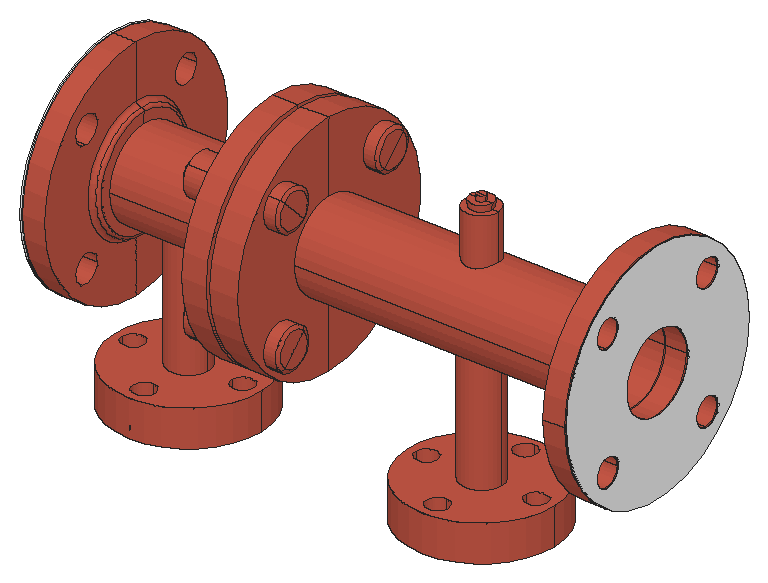
Revit family "YVSE-650", category 配管付属品, Revit 2018
Family settings
  丸型コネクタ寸法 = 直径を使用
  パーツ タイプ = 標準
  OmniClass 番号 = 23.65.55.14.24
  OmniClass タイトル = Mixing Valves for Liquid Services
  作業面ベース = いいえ
  常に垂直 = はい
  ロード時にボイドで切り取り = いいえ
  共有 = いいえ
Parameters
  製品出荷対象 = ""
  製品リリース年月 = ""
  製品グループ = ""
  積算_科目 = "9 消化設備"
  積算_拾い区分 [instance] = ""
  法定耐用年数 = ""
  材質 = ""
  最大流量(L/min) = 0
  型式番号 = ""
  圧力損失等価管長 = 0.000 mm
  呼径 = ""
  取付方向 = "横型用"
  分類コード = "50903001800000"
  分類グループ = ""
  使用圧力範囲 = "0.98 - 1.47Mpa"
  企業コード = "580077214"
  仕様書バージョン = "Version1.0"
  Version = ""
  Uniclass2015Version = "Systems v1.9"
  Uniclass2015Title = "Foam sprinklers"
  Uniclass2015Code = "Pr_70_55_33_30"
  URL = "https://www.yamatoprotec.co.jp/"
  SpecificationReference = ""
  SpecificationDescription = ""
  Revision = ""
  ProductInformation = ""
  Product data url = ""
  OmniClassCode = "23-65 55 14 24"
  Model = "YVSE-650"
  製造元 = "ヤマトプロテック株式会社"
  キーノート = "13910"
  Description = "YVSE-650"
  Author = "BIMobject"
  アセンブリ コード = "D4090200"
Reference planes
  plane 1 "中心(正面/背面)": y = 0
  plane 2: z = 0
  plane 3 "中心(左/右)": x = 0
Forms (mm)
  Extrusion 1, solid, material "Yamato Protec - Paint Red"
    sketch origin (0, 0, 0) x (0, 1, 0) y (0, 0, 1)
      loop
        circle (0, 0) r 77.5
    from 227 to 242
  Extrusion 2, solid, material "Yamato Protec - Aluminum"
    sketch origin (0, 0, 0) x (0, 1, 0) y (0, 0, 1)
      loop
        circle (0, 0) r 77.5
    from 242 to 243
  Revolve 3, solid, material "Yamato Protec - Paint Red"
    sketch origin (0, 0, 0) x (1, 0, 0) y (0, 0, 1)
      loop
        line (-128.492, 77.5) -> (-128.492, 0) -> (-106.992, 0) -> (-106.992, 36.5)
        arc (-106.992, 36.5) -> (-107.65, 37.983) -> (-109.193, 38.515) r 2
        arc (-109.193, 38.515) -> (-111.505, 39.276) -> (-112.492, 41.5) r 3
        line (-112.492, 41.5) -> (-112.492, 77.5) -> (-128.492, 77.5)
      loop
        arc (-19.5, 41.5) -> (-20.487, 39.276) -> (-22.801, 38.49) r 3
        arc (-22.801, 38.49) -> (-24.342, 37.983) -> (-25, 36.5) r 2
        line (-25, 36.5) -> (-25, 0) -> (19, 0) -> (19, 77.5) -> (0, 77.5) -> (0, 48.25) -> (-1.5, 48.25)
        arc (-1.5, 48.25) -> (-2.207, 48.543) -> (-2.5, 49.25) r 1
        line (-2.5, 49.25) -> (-2.5, 77.5) -> (-19.5, 77.5) -> (-19.5, 41.5)
      axis (-128.492, 0) -> (19, 0)
    angle from 0 to 360
  Extrusion 4, solid, material "Yamato Protec - Paint Red"
    sketch origin (0, 0, 0) x (0, 1, 0) y (0, 0, 1)
      loop
        circle (0, 0) r 30
    from -106.992 to 227.008
  Extrusion 5, void
    sketch origin (0, 0, 0) x (0, 1, 0) y (0, 0, 1)
      loop
        circle (0, 0) r 26.45
    from -131.992 to 243.008
  Revolve 6, solid, material "Yamato Protec - Aluminum"
    sketch origin (0, 0, 0) x (1, 0, 0) y (0, 0, 1)
      loop
        line (-130.5, 48.25) -> (-132, 48.25) -> (-132, 0) -> (-128.5, 0) -> (-128.5, 77.5) -> (-129.5, 77.5) -> (-129.5, 49.25)
        arc (-129.5, 49.25) -> (-129.793, 48.543) -> (-130.5, 48.25) r 1
      axis (-132, 0) -> (-128.5, 0)
    angle from 0 to 360
  Revolve 7, solid, material "Yamato Protec - Paint Red"
    sketch origin (200, 0, 0) x (1, 0, 0) y (0, 0, 1)
      loop
        line (-90.596, -116) -> (-76.996, -116) -> (-76.996, -16.249) -> (-90.596, -16.249) -> (-90.596, -116)
      axis (-76.996, -16.249) -> (-76.996, -116)
    angle from 0 to 360
  Extrusion 8, solid, material "Yamato Protec - Paint Red"
    sketch origin (0, 0, 0) x (1, 0, 0) y (0, 1, 0)
      loop
        circle (-76.996, 0) r 50
      loop
        circle (123.004, 0) r 50
    from -130.562 to -106
  Revolve 9, solid, material "Yamato Protec - Paint Red"
    sketch origin (0, 0, 0) x (1, 0, 0) y (0, 0, 1)
      loop
        line (-90.596, -116) -> (-76.996, -116) -> (-76.996, -16.249) -> (-90.596, -16.249) -> (-90.596, -116)
      axis (-76.996, -16.249) -> (-76.996, -116)
    angle from 0 to 360
  Revolve 10, solid, material "Yamato Protec - Paint Red"
    sketch origin (0, 0, 0) x (1, 0, 0) y (0, 0, 1)
      loop
        line (111.504, 20.25) -> (123.004, 20.25) -> (123.004, 60.25) -> (111.504, 60.25) -> (111.504, 20.25)
      axis (123.004, 60.25) -> (123.004, 20.25)
    angle from 0 to 360
  Revolve 11, solid, material "Yamato Protec - Paint Red"
    sketch origin (0, 0, 0) x (1, 0, 0) y (0, 0, 1)
      loop
        line (115.304, 64.25) -> (115.709, 60.25) -> (123.004, 60.25) -> (123.004, 67.25) -> (120.004, 67.25) -> (120.004, 64.25) -> (115.304, 64.25)
      axis (123.004, 67.25) -> (123.004, 60.25)
    angle from 0 to 360
  Revolve 12, solid, material "Yamato Protec - Paint Red"
    sketch origin (0, 0, 0) x (1, 0, 0) y (0, -0.707107, 0.707107)
      loop
        line (-35.14, -46.144) -> (-36.5, -48.5) -> (-36.5, -52) -> (-39, -52) -> (-41, -54) -> (-41, -60) -> (-19.5, -60) -> (-19.5, -46.144) -> (-35.14, -46.144)
      loop
        line (19, -46.144) -> (19, -60) -> (29, -60) -> (29, -48.5) -> (27.64, -46.144) -> (19, -46.144)
      loop
        arc (-1.5, -48.25) -> (-2.207, -48.543) -> (-2.5, -49.25) r 1
        line (-2.5, -49.25) -> (-2.5, -60) -> (0, -60) -> (0, -48.25) -> (-1.5, -48.25)
      axis (-41, -60) -> (29, -60)
    angle from 0 to 360
  Extrusion 13, void
    sketch origin (0, 0, 0) x (0, 1, 0) y (0, 0, 1)
      loop
        circle (42.426, 42.426) r 9.5
    from -129.5 to 243
  Extrusion 14, void
    sketch origin (0, 0, 0) x (0, 0, -1) y (0, 1, 0)
      loop
        circle (42.426, 42.426) r 9.5
    from -129.5 to 243
  Extrusion 15, void
    sketch origin (0, 0, 0) x (0, -1, 0) y (0, 0, -1)
      loop
        circle (42.426, 42.426) r 9.5
    from -129.5 to 243
  Extrusion 16, void
    sketch origin (0, 0, 0) x (0, 0, 1) y (0, -1, 0)
      loop
        circle (42.426, 42.426) r 9.5
    from -129.5 to 243
  Revolve 17, solid, material "Yamato Protec - Paint Red"
    sketch origin (0, 0, 0) x (1, 0, 0) y (0, 0.707107, 0.707107)
      loop
        line (-35.14, -46.144) -> (-36.5, -48.5) -> (-36.5, -52) -> (-39, -52) -> (-41, -54) -> (-41, -60) -> (-19.5, -60) -> (-19.5, -46.144) -> (-35.14, -46.144)
      loop
        line (19, -46.144) -> (19, -60) -> (29, -60) -> (29, -48.5) -> (27.64, -46.144) -> (19, -46.144)
      loop
        arc (-1.5, -48.25) -> (-2.207, -48.543) -> (-2.5, -49.25) r 1
        line (-2.5, -49.25) -> (-2.5, -60) -> (0, -60) -> (0, -48.25) -> (-1.5, -48.25)
      axis (-41, -60) -> (29, -60)
    angle from 0 to 360
  Revolve 18, solid, material "Yamato Protec - Paint Red"
    sketch origin (0, 0, 0) x (1, 0, 0) y (0, 0.707107, -0.707107)
      loop
        line (-35.14, -46.144) -> (-36.5, -48.5) -> (-36.5, -52) -> (-39, -52) -> (-41, -54) -> (-41, -60) -> (-19.5, -60) -> (-19.5, -46.144) -> (-35.14, -46.144)
      loop
        line (19, -46.144) -> (19, -60) -> (29, -60) -> (29, -48.5) -> (27.64, -46.144) -> (19, -46.144)
      loop
        arc (-1.5, -48.25) -> (-2.207, -48.543) -> (-2.5, -49.25) r 1
        line (-2.5, -49.25) -> (-2.5, -60) -> (0, -60) -> (0, -48.25) -> (-1.5, -48.25)
      axis (-41, -60) -> (29, -60)
    angle from 0 to 360
  Revolve 19, solid, material "Yamato Protec - Paint Red"
    sketch origin (0, 0, 0) x (1, 0, 0) y (0, -0.707107, -0.707107)
      loop
        line (-35.14, -46.144) -> (-36.5, -48.5) -> (-36.5, -52) -> (-39, -52) -> (-41, -54) -> (-41, -60) -> (-19.5, -60) -> (-19.5, -46.144) -> (-35.14, -46.144)
      loop
        line (19, -46.144) -> (19, -60) -> (29, -60) -> (29, -48.5) -> (27.64, -46.144) -> (19, -46.144)
      loop
        arc (-1.5, -48.25) -> (-2.207, -48.543) -> (-2.5, -49.25) r 1
        line (-2.5, -49.25) -> (-2.5, -60) -> (0, -60) -> (0, -48.25) -> (-1.5, -48.25)
      axis (-41, -60) -> (29, -60)
    angle from 0 to 360
  Extrusion 20, void
    sketch origin (0, 0, 0) x (1, 0, 0) y (0, 1, 0)
      loop
        circle (-39.496, 0) r 7.5
    from -130.646 to -106
  Extrusion 21, void
    sketch origin (-76.996, -76.996, 0) x (0, -1, 0) y (1, 0, 0)
      loop
        circle (-39.496, 0) r 7.5
    from -130.646 to -106
  Extrusion 22, void
    sketch origin (-153.992, 0, 0) x (-1, 0, 0) y (0, -1, 0)
      loop
        circle (-39.496, 0) r 7.5
    from -130.646 to -106
  Extrusion 23, void
    sketch origin (-76.996, 76.996, 0) x (0, 1, 0) y (-1, 0, 0)
      loop
        circle (-39.496, 0) r 7.5
    from -130.646 to -106
  Extrusion 24, void
    sketch origin (200, 0, 0) x (1, 0, 0) y (0, 1, 0)
      loop
        circle (-39.496, 0) r 7.5
    from -130.646 to -106
  Extrusion 25, void
    sketch origin (123.004, -76.996, 0) x (0, -1, 0) y (1, 0, 0)
      loop
        circle (-39.496, 0) r 7.5
    from -130.646 to -106
  Extrusion 26, void
    sketch origin (46.008, 0, 0) x (-1, 0, 0) y (0, -1, 0)
      loop
        circle (-39.496, 0) r 7.5
    from -130.646 to -106
  Extrusion 27, void
    sketch origin (123.004, 76.996, 0) x (0, 1, 0) y (-1, 0, 0)
      loop
        circle (-39.496, 0) r 7.5
    from -130.646 to -106
Cuts and joins
  Extrusion 5, Extrusion 13, Extrusion 14, Extrusion 15, Extrusion 16 cuts Extrusion 1
  Extrusion 5, Extrusion 13, Extrusion 14, Extrusion 15, Extrusion 16 cuts Extrusion 2
  Extrusion 5, Extrusion 13, Extrusion 14, Extrusion 15, Extrusion 16 cuts Revolve 6
  Extrusion 5, Extrusion 13, Extrusion 14, Extrusion 15, Extrusion 16 cuts Revolve 3
  Extrusion 5 cuts Extrusion 4
  Extrusion 5 cuts Revolve 9
  Extrusion 5 cuts Revolve 7
  Extrusion 20, Extrusion 21, Extrusion 22, Extrusion 23, Extrusion 24, Extrusion 25, Extrusion 26, Extrusion 27 cuts Extrusion 8
  Extrusion 5 cuts Revolve 10
Dimensions and locks
  aligned and locked: level to plane 2
Connectors
  piping at (-131.992, 0, 0), diameter 52.9
    settings: on Revolve 6, index 1, connector inside diameter 609.6 mm, connector length 0.000 mm, flow factor 0, pipe flow 0.0 L/s, pressure drop 0.0 Pa, fitting loss kfactor 0, connector angle 0.00°, fixture units 0, engagement length 0.000 mm, angle of deflection 0.00°, flow configuration 0, flow direction 2, fitting loss method 4, system type 26, joint type 0, gender type 0, connector reference index -1, connector utility 0, adjustable connector no, is connector primary yes, connector description ""
  piping at (243, 0, 0), diameter 52.9
    settings: on cut or joined group of Extrusion 2, Extrusion 5, Extrusion 13, Extrusion 14, Extrusion 15, Extrusion 16, index 2, connector inside diameter 609.6 mm, connector length 0.000 mm, flow factor 0, pipe flow 0.0 L/s, pressure drop 0.0 Pa, fitting loss kfactor 0, connector angle 0.00°, fixture units 0, engagement length 0.000 mm, angle of deflection 0.00°, flow configuration 0, flow direction 1, fitting loss method 4, system type 26, joint type 0, gender type 0, connector reference index -1, connector utility 0, adjustable connector no, is connector primary no, connector description ""
  piping at (-76.996, 0, -130.562), diameter 40
    settings: on cut or joined group 1 (Extrusion 8, Extrusion 20, Extrusion 21, Extrusion 22, Extrusion 23, Extrusion 24, Extrusion 25, Extrusion 26, Extrusion 27), index 3, connector inside diameter 609.6 mm, connector length 0.000 mm, flow factor 0, pipe flow 0.0 L/s, pressure drop 0.0 Pa, fitting loss kfactor 0, connector angle 0.00°, fixture units 0, engagement length 0.000 mm, angle of deflection 0.00°, flow configuration 0, flow direction 2, fitting loss method 0, system type 26, joint type 0, gender type 0, connector reference index -1, connector utility 0, adjustable connector no, is connector primary no, connector description ""
  piping at (123.004, 0, -130.562), diameter 40
    settings: on cut or joined group 1, index 4, connector inside diameter 609.6 mm, connector length 0.000 mm, flow factor 0, pipe flow 0.0 L/s, pressure drop 0.0 Pa, fitting loss kfactor 0, connector angle 0.00°, fixture units 0, engagement length 0.000 mm, angle of deflection 0.00°, flow configuration 0, flow direction 1, fitting loss method 0, system type 26, joint type 0, gender type 0, connector reference index -1, connector utility 0, adjustable connector no, is connector primary no, connector description ""
